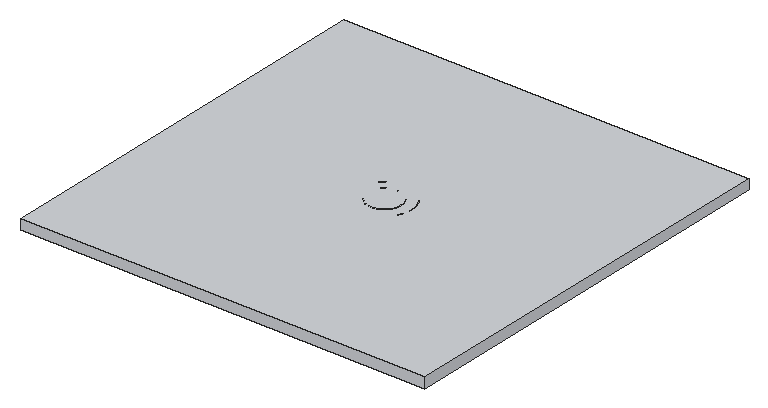
Revit family
Parameters (values of type "2"")
  WFU = 0
  URL = "WWW.MIFAB.COM"
  Strainer Diameter = 8.000"
  Strainer Adjustment [instance] = 1.560"
  Pipe Radius = Pipe Diameter / 2  # 1.000"
  Pipe Diameter = 2.000"
  Model = "F1100-C-Z"
  Manufacturer = "MIFAB"
  Floor Drain Material = Paint - Sherwin Williams Paint - #952C2A - Bellwood Red
  Domestic Cold Water Radius = 0.250"
  Domestic Cold Water Diameter = Domestic Cold Water Radius * 2  # 0.500"
  Description = "FLOOR DRAIN WITH ELASTOMERIC FLANGE"
  Default Elevation = 0.000"
  CWFU = 0
  Body Height = 3.375"
  Assembly Code = ""
Types (6): name | Strainer Diameter | Pipe Radius | Pipe Diameter | Body Height
  (no name) | 8.000" | 1.000" | 2.000" | 3.375"
  2" | 8.000" | 1.000" | 2.000" | 3.375"
  3" | 8.000" | 1.500" | 3.000" | 3.375"
  4" | 8.000" | 2.000" | 4.000" | 3.375"
  5" | 8.000" | 2.500" | 5.000" | 3.375"
  6" | 5.000" | 3.000" | 6.000" | 4.750"
Reference planes (in)
  plane 1 "Center (Front/Back)": y = 0
  plane 2: z = 0
  plane 3 "Center (Left/Right)": x = 0
  plane 4: z = -4.935
  plane 5: z = -1.56
  plane 6: z = 0
  plane 7: y = -4
  plane 8: y = 4
  plane 9: y = 4
  plane 10: y = -4
  plane 11: y = -1
  plane 12: y = 1
  plane 13: y = -2.6
  plane 14: y = -6.5
  plane 15: y = 6.5
  plane 16: z = -0.125
  plane 17: y = 2.5
  plane 18: y = -2.5
  plane 19: z = -4.935
  plane 20: z = -1.56
  plane 21: y = 4
  plane 22: y = -4
  plane 23: x = -1.95937
  plane 24: x = 1.95938
Forms (in)
  Extrusion 1, solid
    sketch origin (0, 0, 0) x (1, 0, 0) y (0, 1, 0)
      loop
        line (-48, 48) -> (-48, -48) -> (48, -48) -> (48, 48) -> (-48, 48)
    from 0 to -2.40092
  Revolve 2, solid, material "Paint - Sherwin Williams Paint - #952C2A - Bellwood Red" <- "Floor Drain Material"
    sketch origin (0, 0.04396, 0) x (0, 1, 0) y (0, 0, 1)
      loop
        line (-3.47522, -1.56) -> (-4.04396, -1.56) -> (-4.04396, -1.82052) -> (-3.92821, -1.82052) -> (-3.79018, -2.80267) -> (-3.67249, -2.81504) -> (-3.67249, -3.28361) -> (-1.29396, -3.44999) -> (-1.29396, -4.935) -> (-1.04396, -4.935) -> (-1.04396, -3.37062) -> (-3.47522, -3.19222) -> (-3.47522, -1.56)
      axis (-0.04396, -1.56) -> (-0.04396, -4.935)
    angle from 0 to 360
  Revolve 3, solid, material "Paint - Sherwin Williams Paint - #952C2A - Bellwood Red" <- "Floor Drain Material"
    sketch origin (0, 0, 0) x (0, 1, 0) y (0, 0, 1)
      loop
        line (-4, -1.56) -> (-2.1625, -1.56) -> (-2.1625, -0.67455) -> (-2.24848, -0.67455) -> (-2.24848, -1.31) -> (-4, -1.31) -> (-4, -1.56)
      axis (0, -0.67455) -> (0, -1.56)
    angle from 0 to 360
  Revolve 4, solid, material "Paint - Sherwin Williams Paint - #952C2A - Bellwood Red" <- "Floor Drain Material"
    sketch origin (0, 0.15, -0.2475) x (0, 1, 0) y (0, 0, 1)
      loop
        line (-2.25785, -1.0625) -> (-2.10937, -1.0625) -> (-2.10937, -0.1462) -> (-0.15, -0.1462) -> (-0.15, 0.2475) -> (-4.15, 0.2475) -> (-4.15, 0.1225) -> (-6.65, 0.1225) -> (-6.65, -0.10452) -> (-2.69688, -0.10452) -> (-2.69688, -0.15958) -> (-2.25785, -0.41305) -> (-2.25785, -1.0625)
      axis (-0.15, 0.2475) -> (-0.15, -1.0625)
    angle from 0 to 360
  Revolve 5, solid, material "Paint - Sherwin Williams Paint - #952C2A - Bellwood Red" <- "Floor Drain Material"
    sketch origin (3.23224, 3.35604, 1.24859) x (0, 1, 0) y (0, 0, 1)
      loop
        line (-3.29765, -2.32681) -> (-3.62527, -2.32681) -> (-3.62527, -2.50802) -> (-3.72878, -2.50802) -> (-3.72878, -2.55859) -> (-3.52524, -2.55859) -> (-3.52524, -3.64951) -> (-3.29765, -3.64951) -> (-3.29765, -2.32681)
      axis (-3.29765, -2.32681) -> (-3.29765, -3.64951)
    angle from 0 to 360
  Revolve 6, solid, material "Paint - Sherwin Williams Paint - #952C2A - Bellwood Red" <- "Floor Drain Material"
    sketch origin (0, 0, 0) x (1, 0, 0) y (0, 0, 1)
      loop
        line (-4.4739, -2.31159) -> (-2.8927, -2.31159) -> (-2.8927, -1.9678) -> (-3.81457, -1.9678) -> (-3.90837, -2.06159) -> (-4.4739, -2.06159) -> (-4.4739, -2.31159)
      axis (-2.8927, -2.31159) -> (-4.4739, -2.31159)
    angle from 0 to 360
  Revolve 7, solid, material "Paint - Sherwin Williams Paint - #952C2A - Bellwood Red" <- "Floor Drain Material"
    sketch origin (1.2903, -4.47722, 1.24859) x (0.866025, -0.5, 0) y (0, 0, 1)
      loop
        line (-3.29765, -2.32681) -> (-3.62527, -2.32681) -> (-3.62527, -2.50802) -> (-3.72878, -2.50802) -> (-3.72878, -2.55859) -> (-3.52524, -2.55859) -> (-3.52524, -3.64951) -> (-3.29765, -3.64951) -> (-3.29765, -2.32681)
      axis (-3.29765, -2.32681) -> (-3.29765, -3.64951)
    angle from 0 to 360
  Revolve 8, solid, material "Paint - Sherwin Williams Paint - #952C2A - Bellwood Red" <- "Floor Drain Material"
    sketch origin (-4.52254, 1.12118, 1.24859) x (-0.866025, -0.5, 0) y (0, 0, 1)
      loop
        line (-3.29765, -2.32681) -> (-3.62527, -2.32681) -> (-3.62527, -2.50802) -> (-3.72878, -2.50802) -> (-3.72878, -2.55859) -> (-3.52524, -2.55859) -> (-3.52524, -3.64951) -> (-3.29765, -3.64951) -> (-3.29765, -2.32681)
      axis (-3.29765, -2.32681) -> (-3.29765, -3.64951)
    angle from 0 to 360
Lines and regions (in)
  symbolic lines
    curve 1: circle (0, 0, 0) r 6.5 normal (0, 0, 1)
Dimensions and locks (in)
  "Body Height": plane 5 to plane 4
  "Strainer Adjustment": plane 6 to plane 5
  equal spacing: plane 8, plane 1 "Center (Front/Back)", plane 7
  equal spacing: plane 9, plane 1 "Center (Front/Back)", plane 10
  equal spacing: Revolve 2, Revolve 6 sketch curve, Revolve 2
  equal spacing: plane 12, plane 1 "Center (Front/Back)", plane 11
  "Pipe Diameter": plane 12 to plane 11
  plane 1 "Center (Front/Back)" to plane 13 = 2.600"
  "Pipe Radius": plane 1 "Center (Front/Back)" to plane 11
  equal spacing: plane 15, plane 1 "Center (Front/Back)", plane 14
  locked: level to plane 16 at 0.125
  equal spacing: plane 17, plane 1 "Center (Front/Back)", plane 18
  plane 17 to plane 18 = 5.000"
  Revolve 4 sketch curve to Revolve 4 sketch curve to plane 18 to Revolve 4 sketch curve = 0.14848" locked, 0.39215" locked, 0.04687" locked
  "Strainer Adjustment": level to plane 20
  "Body Height": plane 20 to plane 19
  plane 16 to Revolve 4 sketch curve to Revolve 4 sketch curve to Revolve 4 sketch curve = 0.22702" locked, 0.05506" locked, 0.25347" locked
  locked: plane 11 to Revolve 2 sketch curve at 0.25
  equal spacing: plane 22, plane 1 "Center (Front/Back)", plane 21
  "Strainer Diameter": plane 22 to plane 21
  equal spacing: plane 14, plane 1 "Center (Front/Back)", plane 15
  locked: plane 14 to plane 15 at 13
  equal spacing: plane 10, plane 1 "Center (Front/Back)", plane 9
  locked: plane 10 to plane 9 at 8
  aligned and locked: plane 2 to Extrusion 1
  aligned and locked: level to Extrusion 1
  aligned and locked: plane 5 to Revolve 2 sketch curve
  aligned and locked: Revolve 2 to Revolve 3 sketch curve
  aligned and locked: Revolve 4 sketch curve to plane 1 "Center (Front/Back)"
  aligned and locked: Revolve 3 sketch curve to Revolve 2
  aligned and locked: plane 10 to Revolve 2 sketch curve
  aligned and locked: Extrusion 1 to plane 6
  aligned and locked: Revolve 3 to Revolve 4
  aligned and locked: Revolve 3 to Revolve 7
  aligned and locked: Revolve 3 to Revolve 5
  aligned and locked: Revolve 7 to Revolve 3
  aligned and locked: Revolve 3 to Revolve 8
  aligned and locked: Revolve 4 sketch curve to plane 14
  aligned and locked: Revolve 4 sketch curve to plane 16
  aligned and locked: Revolve 2 sketch curve to plane 11
Automatic sketch dimensions
  Extrusion 1 sketch curve to Extrusion 1 sketch curve = 96.000"  (x2)
  Revolve 3 sketch curve to plane 1 "Center (Front/Back)" = 0.000"
  Revolve 3 sketch curve to level = 0.000"
  Revolve 3 sketch curve to Revolve 3 sketch curve = 2.08323"
  Revolve 3 sketch curve to Revolve 3 sketch curve = 0.250"
  Revolve 3 sketch curve to Revolve 3 sketch curve = 0.63545"
  Revolve 3 sketch curve to Revolve 3 sketch curve = 0.08598"
  Revolve 5 sketch curve to Revolve 5 sketch curve = 0.20354"
  Revolve 5 sketch curve to Revolve 5 sketch curve = 0.10003"
  Revolve 5 sketch curve to Revolve 5 sketch curve = 0.32762"
  Revolve 5 sketch curve to Revolve 5 sketch curve = 0.000"  (x3)
  Revolve 5 sketch curve to Revolve 5 sketch curve = 1.09092"
  Revolve 5 sketch curve to Revolve 5 sketch curve = 0.05057"
  Revolve 5 sketch curve to Revolve 5 sketch curve = 0.18121"
  Revolve 6 sketch curve to plane 3 "Center (Left/Right)" = 4.4739"
  Revolve 6 sketch curve to Revolve 6 sketch curve = 0.56553"
  Revolve 6 sketch curve to Revolve 6 sketch curve = 0.09379"
  Revolve 6 sketch curve to Revolve 6 sketch curve = 0.22507"
  Revolve 6 sketch curve to Revolve 6 sketch curve = 0.7906"
  Revolve 6 sketch curve to Revolve 6 sketch curve = 0.000"  (x2)
  Revolve 6 sketch curve to Revolve 6 sketch curve = 0.250"
  Revolve 6 sketch curve to Revolve 6 sketch curve = 0.34379"
  Revolve 7 sketch curve to Revolve 7 sketch curve = 0.20354"
  Revolve 7 sketch curve to Revolve 7 sketch curve = 0.10003"
  Revolve 7 sketch curve to Revolve 7 sketch curve = 0.32762"
  Revolve 7 sketch curve to Revolve 7 sketch curve = 0.000"  (x3)
  Revolve 7 sketch curve to Revolve 7 sketch curve = 1.09092"
  Revolve 7 sketch curve to Revolve 7 sketch curve = 0.05057"
  Revolve 7 sketch curve to Revolve 7 sketch curve = 0.18121"
  Revolve 8 sketch curve to Revolve 8 sketch curve = 0.20354"
  Revolve 8 sketch curve to Revolve 8 sketch curve = 0.10003"
  Revolve 8 sketch curve to Revolve 8 sketch curve = 0.32762"
  Revolve 8 sketch curve to Revolve 8 sketch curve = 0.000"  (x3)
  Revolve 8 sketch curve to Revolve 8 sketch curve = 1.09092"
  Revolve 8 sketch curve to Revolve 8 sketch curve = 0.05057"
  Revolve 8 sketch curve to Revolve 8 sketch curve = 0.18121"
  Revolve 3 sketch curve to plane 7 = 1.75152"
  Revolve 2 sketch curve to plane 4 = 0.000"  (x2)
  Revolve 2 sketch curve to plane 1 "Center (Front/Back)" = 0.000"
  Revolve 2 sketch curve to plane 7 = 0.11575"
  Revolve 2 sketch curve to plane 7 = 0.25378"
  Revolve 2 sketch curve to plane 7 = 0.37147"
  Revolve 2 sketch curve to Revolve 2 sketch curve = 0.45299"
  Revolve 2 sketch curve to Revolve 2 sketch curve = 1.48501"
  Revolve 2 sketch curve to Revolve 2 sketch curve = 0.07937"
  plane 4 to Revolve 2 sketch curve = 1.65139"
  Revolve 2 sketch curve to Revolve 2 sketch curve = 0.09138"
  Revolve 2 sketch curve to Revolve 2 sketch curve = 0.37719"
  Revolve 2 sketch curve to Revolve 2 sketch curve = 0.01237"
  Revolve 2 sketch curve to plane 5 = 0.26052"
  Revolve 2 sketch curve to plane 5 = 0.250"
  Revolve 4 sketch curve to plane 22 = 0.000"
  Revolve 4 sketch curve to level = 0.000"
  Revolve 4 sketch curve to plane 1 "Center (Front/Back)" = 0.000"
  plane 20 to Revolve 4 sketch curve = 0.250"
  Revolve 4 sketch curve to plane 20 = 0.0429"
  level to Revolve 4 sketch curve = 1.00365"
  Revolve 4 sketch curve to plane 16 = 0.2687"
  plane 1 "Center (Front/Back)" to curve 1 = 0.000"
  curve 1 to plane 3 "Center (Left/Right)" = 0.000"
  plane 1 "Center (Front/Back)" to Revolve 5 sketch curve = 0.37274"
  Revolve 5 sketch curve to plane 20 = 0.84092"
  plane 20 to Revolve 7 sketch curve = 0.30057"
  plane 20 to Revolve 8 sketch curve = 0.30057"
  radius of curve 1 = 6.500"
Connectors (in)
  piping at (-4.4739, 0, -2.31159), driven by "CWFU", driven by "Domestic Cold Water Radius"
    settings: on Revolve 6, index 1, connector radius 1/4", flow factor 0, pipe flow 0 GPM, pressure drop 0.00 psi, fitting loss kfactor 0, connector angle 0.00°, fixture units 0, flow configuration 3, flow direction 1, fitting loss method 0, system type 20, connector reference index -1, connector utility 0, adjustable connector no, is connector primary yes, fitting loss table "", connector description "Domestic Cold Water In"
  piping at (0, 0, -4.935), driven by "Pipe Radius", driven by "WFU"
    settings: on Revolve 2, index 2, connector radius 1", flow factor 0, pipe flow 0 GPM, pressure drop 0.00 psi, fitting loss kfactor 0, connector angle 0.00°, fixture units 0, flow configuration 3, flow direction 2, fitting loss method 0, system type 16, connector reference index -1, connector utility 0, adjustable connector no, is connector primary no, fitting loss table "", connector description "Sanitary Out"
